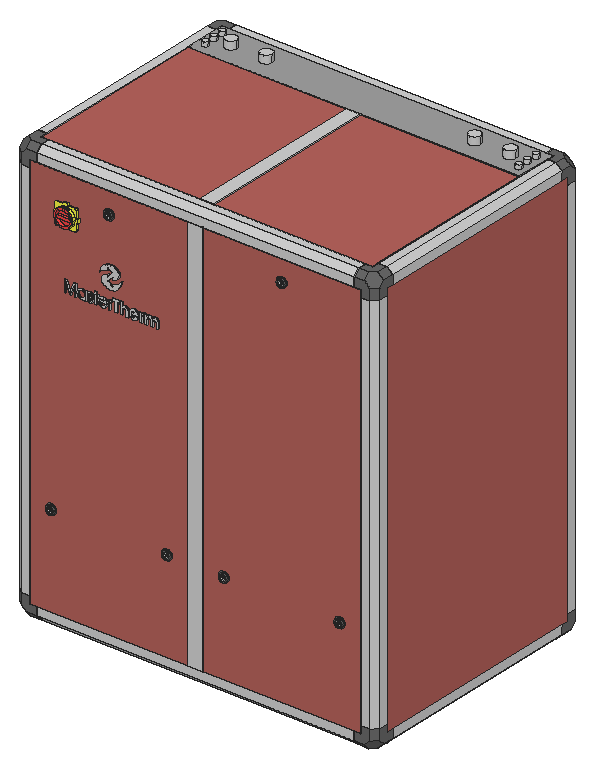
Revit family "AQ-ZHX_ENG-RFA-2022", category Mechanické zařízení, Revit 2022 (continued)
Types (5, lengths in mm): name | Model | MT_power switch offset_H | MT_max. current – compressor (A) | MT_logo offset_H | MT_lock offset_H | MT_hmotnost (kg) | MT_double case_YES | MT_center lock offset_H | MT_pipe connector_X | MT_pipe connector offset | MT_desuperheater offset_X | MT_cover top_X | MT_cover front_X | MT_case width | MT_angle length_X | MT_TYPE | MT_EO offset_X | MT_EI offset_X | MT_EC6 offset_X | MT_EC5 offset_X | MT_EC4 offset_X | MT_CO offset_X | MT_CI offset_X | Komentáře k typům | El. connection
  AQ60ZHX | "AQ60ZHX" | 250.00 | 32 A | 358.00 | 150.00 | 230 | no | 358.00 | 636.00 | 676.00 | 318.00 | 636.00 | 636.00 | 716.00 | 596.00 | 60 | 393.00 | 543.00 | 608.00 | 608.00 | 608.00 | 243.00 | 93.00 | "COMPRESSOR: Scroll; 3000 rpm; charge of POE oil – 3.38 l; LRC – 140; max. op. current – 27 A; EVAPORATOR: PHE; AISI316; water flow (W/W) – 2.54 kg/s; min. flow – 1.27 kg/s; temp. difference – 5 K; int. volume – 5.1 l; pump ext. head – 5.0 m; pump motor – 620 W; CONDENSER: PHE; AISI316; water flow – 1.52 kg/s; min. flow – 1.52 kg/s; temp. difference – 10 K; int. volume – 4.1 l; pump ext. head – 7.0 m; pump motor – 310 W; REFRIGERANT CIRCUIT: R134a (4.4 kg); AUX. HEATER (optional); CONTROLS: controller – pCO5; EEV – 1; water probe – yes; SHW probe/output – yes (2x); mixing probe/output – yes; outdoor probe – yes; dynamic set point – yes; refrigerant probe – 2xPT; POWER SUPPLY: 3x400 V; 50 Hz; max. current – 32 A; max. current, incl. aux. heater – on demand; DIMENSIONS: hot water, brine – 5/4\", 5/4\" (OD); 120x72x72 cm; 230 kg; LIMITS: max. water overpress. – 0.6 MPa; max. refr. overpress. – 4.2 MPa; brine min./max.: 0/50 °C; water min./max.: 20/80 °C" | "2xPG21; 2xPG16; 4xPG13.5"
  AQ100.2ZHX | "AQ100.2ZHX" | 175.00 | 50 A | 263.00 | 100.00 | 400 | yes | 263.00 | 932.00 | 972.00 | 466.00 | 932.00 | 932.00 | 1012.00 | 892.00 | 100 | 859.00 | 759.00 | 907.00 | 907.00 | 907.00 | 173.00 | 73.00 | "COMPRESSOR: 2xScroll; 2900 rpm; charge of POE oil – 2x3.38 l; LRC – 139 (81); max. op. current – 2x21 A; EVAPORATOR: PHE; AISI316; water flow (W/W) – 3.38 kg/s; min. flow – 1.93 kg/s; temp. difference – 5 K; int. volume – 7.9 l; pump ext. head – 4.0 m; pump motor – 1100 W; CONDENSER: PHE; AISI316; water flow – 2.07 kg/s; min. flow – 2.07 kg/s; temp. difference – 10 K; int. volume – 6.9 l; pump ext. head – 3.0 m; pump motor – 310 W; REFRIGERANT CIRCUIT: R134a (10.0 kg); AUX. HEATER (optional); CONTROLS: controller – pCO5; EEV – yes; water probe – yes; SHW probe/output – yes (2x); mixing probe/output – yes; outdoor probe – yes; dynamic set point – yes; refrigerant probe – 2xPT; POWER SUPPLY: 3x400 V; 50 Hz; max. current – 50 A; max. current, incl. aux. heater – on demand; DIMENSIONS: hot water, brine – 5/4\", 5/4\" (OD); 120x101x72 cm; 400 kg; LIMITS: max. water overpress. – 0.25 MPa; max. refr. overpress. – 2.8 MPa; brine min./max.: 0/45 °C; water min./max.: 20/80 °C" | "4xPG16; 8xPG13.5"
  AQ40ZHX | "AQ40ZHX" | 175.00 | 20 A | 263.00 | 100.00 | 230 | no | 263.00 | 446.00 | 486.00 | 223.00 | 446.00 | 446.00 | 526.00 | 406.00 | 40 | 273.00 | 373.00 | 421.00 | 421.00 | 421.00 | 173.00 | 73.00 | "COMPRESSOR: Scroll; 3000 rpm; charge of POE oil – 2.65 l; LRC – 95 (45); max. op. current – 17 A; EVAPORATOR: PHE; AISI316; water flow (W/W) – 2.08 kg/s; min. flow – 1.04 kg/s; temp. difference – 5 K; int. volume – 5.1 l; pump ext. head – 5.0 m; pump motor – 310 W; CONDENSER: PHE; AISI316; water flow – 1.19 kg/s; min. flow – 1.19 kg/s; temp. difference – 10 K; int. volume – 4.1 l; pump ext. head – 8.0 m; pump motor – 310 W; REFRIGERANT CIRCUIT: R134a (4.2 kg); AUX. HEATER (optional); CONTROLS: controller – pCO5; EEV – 1; water probe – yes; SHW probe/output – yes (2x); mixing probe/output – yes; outdoor probe – yes; dynamic set point – yes; refrigerant probe – 2xPT; POWER SUPPLY: 3x400 V; 50 Hz; max. current – 20 A; max. current, incl. aux. heater – on demand; DIMENSIONS: hot water, brine – 5/4\", 5/4\" (OD); 120x53x72 cm; 230 kg; LIMITS: max. water overpress. – 0.6 MPa; max. refr. overpress. – 2.9 MPa; brine min./max.: 10/45 °C; water min./max.: 30/82 °C" | "2xPG21; 2xPG16; 4xPG13.5"
  AQ50ZHX | "AQ50ZHX" | 250.00 | 25 A | 358.00 | 150.00 | 230 | no | 358.00 | 636.00 | 676.00 | 318.00 | 636.00 | 636.00 | 716.00 | 596.00 | 50 | 393.00 | 543.00 | 608.00 | 608.00 | 608.00 | 243.00 | 93.00 | "COMPRESSOR: Scroll; 3000 rpm; charge of POE oil – 3.38 l; LRC – 118 (60); max. op. current – 21 A; EVAPORATOR: PHE; AISI316; water flow (W/W) – 2.13 kg/s; min. flow – 1.06 kg/s; temp. difference – 5 K; int. volume – 5.1 l; pump ext. head – 4.0 m; pump motor – 310 W; CONDENSER: PHE; AISI316; water flow – 1.25 kg/s; min. flow – 1.25 kg/s; temp. difference – 10 K; int. volume – 4.1 l; pump ext. head – 10.0 m; pump motor – 310 W; REFRIGERANT CIRCUIT: R134a (5.0 kg); AUX. HEATER (optional); CONTROLS: controller – pCO5; EEV – 1; water probe – yes; SHW probe/output – yes (2x); mixing probe/output – yes; outdoor probe – yes; dynamic set point – yes; refrigerant probe – 2xPT; POWER SUPPLY: 3x400 V; 50 Hz; max. current – 25 A; max. current, incl. aux. heater – on demand; DIMENSIONS: hot water, brine – 5/4\", 5/4\" (OD); 120x72x72 cm; 230 kg; LIMITS: max. water overpress. – 0.6 MPa; max. refr. overpress. – 4.2 MPa; brine min./max.: 0/45 °C; water min./max.: 20/80 °C" | "2xPG21; 2xPG16; 4xPG13.5"
